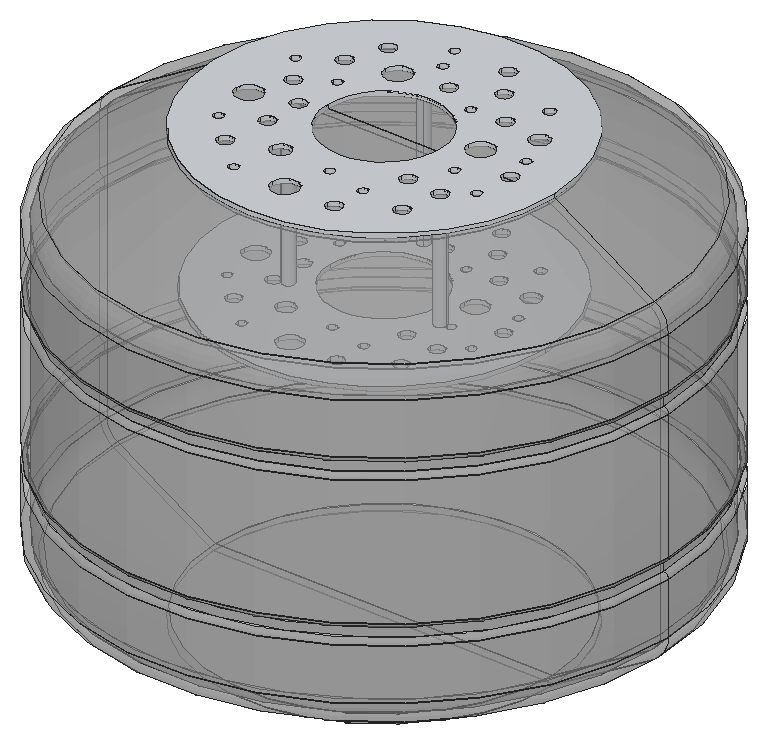
Revit family "Navazi 4", category Generic Models, host Face, Revit 2019
Family settings
  Host = Face
  Can host rebar = No
  Round Connector Dimension = Use Diameter
  Part Type = Normal
  Cut with Voids When Loaded = No
  Shared = No
  Room Calculation Point = No
Parameters
  URL = "https://svitanok.com/projects/navazi-ceramic/"
  Manufacturer = "SVITANOK"
  Glass [instance] = Glass (blue)
  Description = "This beautiful collection NAVAZI combines contemporary design with traditional craftsmanship. \r\n\r\nThe NAVAZI collection is perfect for any modern interior, providing a soft and warm illumination that creates a cozy and inviting atmosphere. It is ideal for use in the living room, dining room, or bedroom.\r\n\r\nWith its timeless design and impeccable craftsmanship, the NAVAZI collection is a true work of art that will enhance the beauty of any space. Whether you're looking to add a touch of elegance to your home or office, this stunning lighting fixture is sure to impress."
  Default Elevation = 1219.2 mm
Reference planes
  plane 1 "Center (Front/Back)": y = 0
  plane 2: z = 0
  plane 3 "Center (Left/Right)": x = 0
Forms (mm)
  Extrusion 1, solid
    sketch origin (0, 0, 0) x (1, 0, 0) y (0, 1, 0)
      loop
        circle (0, 0) r 89.768
      loop
        circle (0, 0) r 30
      loop
        circle (-23.256, 38.092) r 6.776
      loop
        circle (-61.369, -12.486) r 6.776
      loop
        circle (-0.367, -64.971) r 6.776
      loop
        circle (43.066, 9.716) r 6.776
      loop
        circle (57.125, 31.031) r 5
      loop
        circle (-21.043, -41.862) r 5
      loop
        circle (11.329, 67.825) r 4
      loop
        circle (21.663, 51.912) r 4
      loop
        circle (0.613, 42.096) r 4
      loop
        circle (-39.809, 52.575) r 4
      loop
        circle (-47.532, 33.459) r 4
      loop
        circle (-53.568, 7.314) r 4
      loop
        circle (-39.583, -6.828) r 4
      loop
        circle (-40.592, -26.092) r 4
      loop
        circle (-43.931, -49.846) r 4
      loop
        circle (25.567, -64.998) r 4
      loop
        circle (49.484, -50.053) r 4
      loop
        circle (35.393, -28.354) r 4
      loop
        circle (53.484, -29.937) r 4
      loop
        circle (67.112, -0.713) r 4
      loop
        circle (36.681, 34.293) r 4
      loop
        circle (45.449, 52.269) r 3
      loop
        circle (19.152, 33.164) r 2.5
      loop
        circle (-12.583, 54.569) r 2.5
      loop
        circle (-16.807, 67.569) r 2.5
      loop
        circle (-38.297, 16.941) r 2.5
      loop
        circle (-64.251, 21.986) r 2.5
      loop
        circle (-58.869, -35.528) r 2.5
      loop
        circle (-27.112, -65.142) r 2.5
      loop
        circle (5.913, -43.284) r 2.5
      loop
        circle (26.982, -47.762) r 2.5
      loop
        circle (64.938, -20.186) r 2.5
      loop
        circle (45.776, -10.84) r 2.5
      loop
        circle (64.085, 13.458) r 2.5
    from 229.975 to 231.944
  Extrusion 2, solid
    sketch origin (9.7, 0, -75) x (1, 0, 0) y (0, 1, 0)
      loop
        circle (-9.768, 0) r 85
      loop
        circle (-9.768, 0) r 28.406
      loop
        circle (-31.789, 36.068) r 6.416
      loop
        circle (-67.877, -11.823) r 6.416
      loop
        circle (-10.116, -61.52) r 6.416
      loop
        circle (31.01, 9.2) r 6.416
      loop
        circle (44.322, 29.383) r 4.734
      loop
        circle (-29.694, -39.638) r 4.734
      loop
        circle (0.959, 64.222) r 3.788
      loop
        circle (10.744, 49.154) r 3.788
      loop
        circle (-9.187, 39.86) r 3.788
      loop
        circle (-47.463, 49.782) r 3.788
      loop
        circle (-54.776, 31.682) r 3.788
      loop
        circle (-60.491, 6.925) r 3.788
      loop
        circle (-47.248, -6.466) r 3.788
      loop
        circle (-48.204, -24.706) r 3.788
      loop
        circle (-51.365, -47.199) r 3.788
      loop
        circle (14.441, -61.545) r 3.788
      loop
        circle (37.087, -47.394) r 3.788
      loop
        circle (23.744, -26.848) r 3.788
      loop
        circle (40.875, -28.347) r 3.788
      loop
        circle (53.779, -0.675) r 3.788
      loop
        circle (24.965, 32.472) r 3.788
      loop
        circle (33.266, 49.493) r 2.841
      loop
        circle (8.367, 31.402) r 2.367
      loop
        circle (-21.683, 51.671) r 2.367
      loop
        circle (-25.682, 63.98) r 2.367
      loop
        circle (-46.031, 16.041) r 2.367
      loop
        circle (-70.606, 20.818) r 2.367
      loop
        circle (-65.51, -33.641) r 2.367
      loop
        circle (-35.44, -61.682) r 2.367
      loop
        circle (-4.17, -40.985) r 2.367
      loop
        circle (15.78, -45.225) r 2.367
      loop
        circle (51.72, -19.114) r 2.367
      loop
        circle (33.576, -10.264) r 2.367
      loop
        circle (50.913, 12.743) r 2.367
    from 229.975 to 231.944
  Extrusion 3, solid
    sketch origin (0, 0, 0) x (1, 0, 0) y (0, 1, 0)
      loop
        circle (38.058, -10.618) r 3
      loop
        circle (-9.833, 38.268) r 3
      loop
        circle (-32.597, -22.329) r 3
    from 156.944 to 229.975
Dimensions and locks
  aligned and locked: plane 2 to host face
  aligned and locked: level to host face
Nested families
  nested 1: "Navazi 5 detail" at (0, 0, 0), Material 1 <- "Glass", Material 2 <- "Glass", type "Navazi 5 detail"
    with Material 2 Glass (blue), Material 1 Glass (blue)
Definition of nested family "Navazi 5 detail"
  Parameters (values of type "Navazi 5 detail")
    Material 2 [instance] = none
    Material 1 [instance] = none
    Default Elevation = 1219.2 mm
  Reference planes
    plane 1 "Center (Front/Back)": y = 0
    plane 2: z = 0
    plane 3 "Center (Left/Right)": x = 0
  Forms (mm)
    Extrusion 1, solid
      sketch origin (0, 0, 0) x (1, 0, 0) y (0, 1, 0)
        loop
          line (-1219.2, 1219.2) -> (-1219.2, -1219.2) -> (1219.2, -1219.2) -> (1219.2, 1219.2) -> (-1219.2, 1219.2)
      from 0 to -304.8
    Revolve 2, solid, material <- "Material 1"
      sketch origin (0, 0, 0) x (1, 0, 0) y (0, 0, 1)
        loop
          arc (-150, 43.435) -> (-147.99, 35.935) -> (-142.5, 30.445) r 15
          line (-142.5, 30.445) -> (-89.768, 0) -> (0, 0) -> (0, 4) -> (-88.696, 4) -> (-140.5, 33.909)
          arc (-140.5, 33.909) -> (-144.526, 37.935) -> (-146, 43.435) r 11
          line (-146, 43.435) -> (-146, 186.54)
          arc (-146, 186.54) -> (-144.526, 192.04) -> (-140.5, 196.066) r 11
          line (-140.5, 196.066) -> (-87.768, 226.511) -> (0, 226.511) -> (0, 229.975) -> (-89.768, 229.975) -> (-142.5, 199.53)
          arc (-142.5, 199.53) -> (-147.99, 194.04) -> (-150, 186.54) r 15
          line (-150, 186.54) -> (-150, 159.22)
          arc (-150, 159.22) -> (-149.197, 157.28) -> (-147.257, 156.477) r 2.743
          line (-147.257, 156.477) -> (-147.257, 151.477)
          arc (-147.257, 151.477) -> (-149.197, 150.674) -> (-150, 148.734) r 2.743
          line (-150, 148.734) -> (-150, 81.118)
          arc (-150, 81.118) -> (-149.197, 79.178) -> (-147.257, 78.375) r 2.743
          line (-147.257, 78.375) -> (-147.257, 73.375)
          arc (-147.257, 73.375) -> (-149.197, 72.572) -> (-150, 70.632) r 2.743
          line (-150, 70.632) -> (-150, 43.435)
        axis (0, 0) -> (0, 229.975)
      angle from 0 to 360
  Dimensions and locks
    aligned and locked: plane 2 to Extrusion 1
    aligned and locked: level to Extrusion 1
